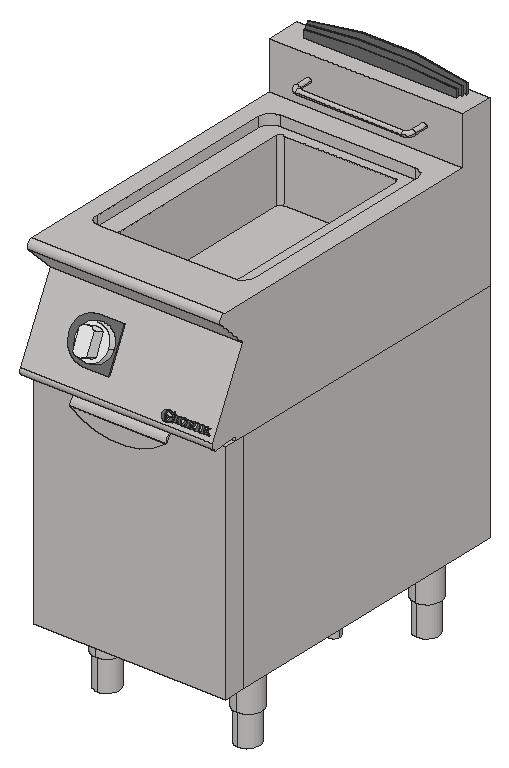
Revit family "QF_GIORIK_FE7117", category Specialty Equipment, Revit 2014
Parameters (values of type "FE7117")
  Weight in Pounds = 154.3234
  Watts = 16500 W
  Volts = 400 V
  URL Cutsheet = "www.giorik.com"
  URL = "www.giorik.com"
  Status [instance] = ""
  Specification by User [instance] = ""
  Specification by Manufacturer = ""
  Show Logo [instance] = yes
  Show Clearance [instance] = yes
  Serial Number = ""
  Seismic Rating = ""
  SMACNA No = ""
  Revision Code [instance] = ""
  Phase = 3
  Number of Poles [instance] = 3
  NAFEM Spec ID Number = ""
  Model = "FE7117"
  Min Ckt Ampacity = 0 A
  Max Overcurrent Protection = 0 A
  Masterspec = ""
  Manufacturer = "GIORIK"
  Item Number [instance] = ""
  Installed By [instance] = ""
  Identify Quantity as Lot [instance] = no
  HP = "22.126830000000"
  Furnished By [instance] = ""
  Foodservice Equipment Identifier [instance] = yes
  FL Amps = 0 A
  Electrical Remarks [instance] = ""
  Electric Connection Type [instance] = ""
  Elec Conn RI Height [instance] = 0 mm
  Elec Conn Connection Height [instance] = 150 mm
  Description = "17 LITRE ELECTRIC FRYER."
  Cycle = 50 Hz
  Conn Plug = ""
  CSI MasterFormat = ""
  Assembly Code = "E1090320"
  Apparent Power = 16500 VA
Reference planes
  plane 1 "Back": y = 0
  plane 2: z = 0
  plane 3 "Left": x = 0
  plane 4 "Right": x = 400
  plane 5 "Front": y = -720
  plane 6 "Top": z = 900
Forms (mm)
  Extrusion 1, solid, visible <- "Show Logo"
    sketch origin (196.604, -736.761, 609.486) x (-1, 0, 0) y (0, 0.452718, 0.891654)
      loop
        line (-118.824, 58.358) -> (-127.804, 58.358) -> (-125.523, 56.445) -> (-125.523, 48.027) -> (-127.804, 46.113) -> (-118.824, 46.113) -> (-121.105, 48.027) -> (-121.105, 56.445) -> (-118.824, 58.358)
      loop
        line (-163.721, 58.358) -> (-172.7, 58.358) -> (-170.42, 56.445) -> (-170.42, 48.027) -> (-172.7, 46.113) -> (-163.721, 46.113) -> (-166.001, 48.027) -> (-166.001, 56.445) -> (-163.721, 58.358)
      loop
        line (-174.332, 58.358) -> (-183.312, 58.358) -> (-181.031, 56.445) -> (-181.031, 52.435) -> (-186.419, 56.955) -> (-184.416, 58.358) -> (-191.268, 58.358) -> (-188.01, 56.839) -> (-185.455, 54.283) -> (-190.846, 47.858) -> (-193.396, 46.93) -> (-193.396, 46.113) -> (-184.416, 46.113) -> (-185.437, 47.571) -> (-182.443, 51.552) -> (-181.031, 50.894) -> (-181.031, 48.027) -> (-183.312, 46.113) -> (-174.332, 46.113) -> (-176.613, 48.027) -> (-176.613, 56.445) -> (-174.332, 58.358)
      loop
        line (-115.429, 62.063) -> (-115.429, 54.198)
        arc (-115.429, 54.198) -> (-111.618, 57.803) -> (-106.847, 59.986) r 16.039
        arc (-106.847, 59.986) -> (-103.314, 59.837) -> (-100.512, 57.68) r 5.851
        arc (-100.512, 57.68) -> (-98.815, 52.267) -> (-100.512, 46.853) r 9.479
        arc (-100.512, 46.853) -> (-102.406, 44.986) -> (-104.846, 43.93) r 7.236
        arc (-104.846, 43.93) -> (-107.728, 44.111) -> (-110.052, 45.825) r 5.11
        line (-110.052, 45.825) -> (-110.052, 52.001) -> (-116.141, 52.001) -> (-116.141, 45.503) -> (-117.893, 43.751) -> (-114.094, 44.769)
        arc (-114.094, 44.769) -> (-112.56, 44.947) -> (-111.129, 44.366) r 3.115
        arc (-111.129, 44.366) -> (-104.216, 42.091) -> (-97.303, 44.366) r 11.641
        arc (-97.303, 44.366) -> (-93.396, 52.107) -> (-97.303, 59.849) r 9.622
        arc (-97.303, 59.849) -> (-104.369, 62.174) -> (-111.435, 59.849) r 11.898
        line (-111.435, 59.849) -> (-115.429, 62.063)
      loop
        arc (-129.234, 56.068) -> (-135.893, 58.628) -> (-142.552, 56.068) r 9.941
        arc (-142.552, 56.068) -> (-144.234, 52.286) -> (-142.552, 48.505) r 5.093
        arc (-142.552, 48.505) -> (-135.893, 45.945) -> (-129.234, 48.505) r 9.941
        arc (-129.234, 48.505) -> (-127.552, 52.286) -> (-129.234, 56.068) r 5.093
      loop
        arc (-132.628, 54.403) -> (-135.893, 57.668) -> (-139.158, 54.403) r 3.265
        line (-139.158, 54.403) -> (-139.158, 50.169)
        arc (-139.158, 50.169) -> (-135.893, 46.904) -> (-132.628, 50.169) r 3.265
        line (-132.628, 50.169) -> (-132.628, 54.403)
      loop
        arc (-156.363, 58.365) -> (-159.647, 55.081) -> (-156.363, 51.796) r 3.285
        line (-156.363, 51.796) -> (-159.529, 47.306) -> (-162.087, 46.113) -> (-155.847, 46.113) -> (-153.529, 51.083) -> (-150.637, 51.083) -> (-150.637, 47.784) -> (-153.022, 46.113) -> (-144.011, 46.113) -> (-146.094, 47.68) -> (-146.094, 56.493) -> (-144.229, 58.365) -> (-156.363, 58.365)
      loop
        line (-150.637, 57.512) -> (-153.637, 57.512)
        arc (-153.637, 57.512) -> (-156.237, 54.912) -> (-153.637, 52.312) r 2.6
        line (-153.637, 52.312) -> (-150.637, 52.312) -> (-150.637, 57.512)
      loop
        line (-108.924, 52.001) -> (-104.936, 49.005) -> (-100.948, 52.001) -> (-108.924, 52.001)
    from 1.5 to -0.5
  Extrusion 2, solid
    sketch origin (-16, 1025.81, 0) x (1, 0, 0) y (0, 1, 0)
      loop
        line (25, -1086.81) -> (25, -1156.81) -> (115, -1156.81) -> (115, -1086.81) -> (25, -1086.81)
    from 148 to 150
  Extrusion 3, solid
    sketch origin (0, 1000, -20) x (0, 1, 0) y (0, 0, 1)
      loop
        line (-1000, 989.988) -> (-1070, 989.988) -> (-1070, 889.988) -> (-1688.806, 889.988)
        arc (-1688.806, 889.988) -> (-1699.151, 883.075) -> (-1696.724, 870.873) r 11.197
        line (-1696.724, 870.873) -> (-1640.876, 815.025) -> (-1718.948, 661.258)
        arc (-1718.948, 661.258) -> (-1718.233, 650.105) -> (-1708.118, 645.354) r 10.981
        line (-1708.118, 645.354) -> (-1660, 649.925) -> (-1660, 640) -> (-1000, 640) -> (-1000, 989.988)
    from 0 to 400
  Extrusion 4, solid
    sketch origin (0, 0, 599.536) x (1, 0, 0) y (0, 1, 0)
      loop
        line (0, -640) -> (40, -640) -> (40, -40) -> (360, -40) -> (360, -640) -> (400, -640) -> (400, 0) -> (0, 0) -> (0, -640)
    from -449.536 to 20.464
  Extrusion 5, solid
    sketch origin (0, 0, 0) x (1, 0, 0) y (0, 1, 0)
      loop
        line (40, -40) -> (40, -640) -> (360, -640) -> (360, -40) -> (40, -40)
    from 150 to 190
  Extrusion 6, solid
    sketch origin (-16, 560.81, 0) x (1, 0, 0) y (0, 1, 0)
      loop
        line (25, -1086.81) -> (25, -1156.81) -> (115, -1156.81) -> (115, -1086.81) -> (25, -1086.81)
    from 148 to 150
  Revolve 7, solid
    sketch origin (54, 560.81, 0) x (0, 1, 0) y (0, 0, 1)
      loop
        line (-1092.56, 66) -> (-1092.56, 148) -> (-1121.81, 148) -> (-1121.81, 0) -> (-1096.81, 0) -> (-1096.81, 66) -> (-1092.56, 66)
      axis (-1121.81, 0) -> (-1121.81, 148)
    angle from 0 to 360
  Revolve 8, solid
    sketch origin (54, 1025.81, 0) x (0, 1, 0) y (0, 0, 1)
      loop
        line (-1092.56, 66) -> (-1092.56, 148) -> (-1121.81, 148) -> (-1121.81, 0) -> (-1096.81, 0) -> (-1096.81, 66) -> (-1092.56, 66)
      axis (-1121.81, 0) -> (-1121.81, 148)
    angle from 0 to 360
  Extrusion 9, solid
    sketch origin (416, 560.81, 0) x (-1, 0, 0) y (0, -1, 0)
      loop
        line (25, 1086.81) -> (115, 1086.81) -> (115, 1156.81) -> (25, 1156.81) -> (25, 1086.81)
    from 148 to 150
  Revolve 10, solid
    sketch origin (346, 560.81, 0) x (0, 1, 0) y (0, 0, -1)
      loop
        line (-1092.56, -66) -> (-1096.81, -66) -> (-1096.81, 0) -> (-1121.81, 0) -> (-1121.81, -148) -> (-1092.56, -148) -> (-1092.56, -66)
      axis (-1121.81, 0) -> (-1121.81, -148)
    angle from 0 to 360
  Extrusion 11, solid
    sketch origin (416, -1217.81, 0) x (-1, 0, 0) y (0, -1, 0)
      loop
        line (25, -1086.81) -> (25, -1156.81) -> (115, -1156.81) -> (115, -1086.81) -> (25, -1086.81)
    from 148 to 150
  Revolve 12, solid
    sketch origin (346, -1217.81, 0) x (0, -1, 0) y (0, 0, 1)
      loop
        line (-1092.56, 66) -> (-1092.56, 148) -> (-1121.81, 148) -> (-1121.81, 0) -> (-1096.81, 0) -> (-1096.81, 66) -> (-1092.56, 66)
      axis (-1121.81, 0) -> (-1121.81, 148)
    angle from 0 to 360
  Extrusion 13, solid
    sketch origin (-293.221, -963.345, 52.363) x (1, 0, 0) y (0, 0.452718, 0.891654)
      loop
        line (463.221, 676.25) -> (463.221, 766.25) -> (409.698, 766.25)
        arc (409.698, 766.25) -> (364.698, 721.25) -> (409.698, 676.25) r 45
        line (409.698, 676.25) -> (463.221, 676.25)
    from 48 to 50
  Extrusion 14, solid
    sketch origin (481.331, -1008.697, 74.959) x (-1, 0, 0) y (0, -0.45351, -0.891251)
      loop
        circle (351.331, -721.346) r 35
    from 0 to 15
  Extrusion 15, solid
    sketch origin (481.331, -1008.697, 74.959) x (-1, 0, 0) y (0, -0.45351, -0.891251)
      loop
        arc (336.331, -743.846) -> (351.331, -748.846) -> (366.331, -743.846) r 25
        line (366.331, -743.846) -> (366.331, -698.846)
        arc (366.331, -698.846) -> (351.331, -693.846) -> (336.331, -698.846) r 25
        line (336.331, -698.846) -> (336.331, -743.846)
    from 15 to 40
  Extrusion 16, solid
    sketch origin (-94, 0, 59.999) x (1, 0, 0) y (0, 0, 1)
      loop
        line (135, 909.989) -> (453, 909.989) -> (453, 925.527) -> (347.056, 931.749) -> (240.944, 931.749) -> (135, 925.527) -> (135, 909.989)
    from 32 to 35
  Extrusion 17, solid
    sketch origin (-92, 10, 59.999) x (1, 0, 0) y (0, 0, 1)
      loop
        line (454, 909.989) -> (454, 928.527) -> (346.162, 939.193) -> (237.838, 939.193) -> (130, 928.527) -> (130, 909.989) -> (454, 909.989)
    from 32 to 35
  Extrusion 18, solid
    sketch origin (-90, 20, 59.999) x (1, 0, 0) y (0, 0, 1)
      loop
        line (455, 909.989) -> (455, 930.527) -> (345.396, 947.413) -> (234.604, 947.413) -> (125, 930.527) -> (125, 909.989) -> (455, 909.989)
    from 32 to 35
  Extrusion 19, void
    sketch origin (0, 0, 819.988) x (0, 1, 0) y (-1, 0, 0)
      loop
        arc (-120, -60) -> (-127.322, -42.322) -> (-145, -35) r 25
        line (-145, -35) -> (-565.002, -35)
        arc (-565.002, -35) -> (-582.68, -42.322) -> (-590.002, -60) r 25
        line (-590.002, -60) -> (-590.002, -340)
        arc (-590.002, -340) -> (-582.68, -357.678) -> (-565.002, -365) r 25
        line (-565.002, -365) -> (-145, -365)
        arc (-145, -365) -> (-127.322, -357.678) -> (-120, -340) r 25
        line (-120, -340) -> (-120, -60)
    from -100 to 50
  Extrusion 20, solid
    sketch origin (0, 0, 900) x (0, 1, 0) y (-1, 0, 0)
      loop
        arc (-120, -60) -> (-127.322, -42.322) -> (-145, -35) r 25
        line (-145, -35) -> (-565.002, -35)
        arc (-565.002, -35) -> (-582.68, -42.322) -> (-590.002, -60) r 25
        line (-590.002, -60) -> (-590.002, -340)
        arc (-590.002, -340) -> (-582.68, -357.678) -> (-565.002, -365) r 25
        line (-565.002, -365) -> (-145, -365)
        arc (-145, -365) -> (-127.322, -357.678) -> (-120, -340) r 25
        line (-120, -340) -> (-120, -60)
      loop
        arc (-140, -85.011) -> (-142.929, -77.94) -> (-150, -75.011) r 10
        line (-150, -75.011) -> (-555.002, -75.011)
        arc (-555.002, -75.011) -> (-562.073, -77.94) -> (-565.002, -85.011) r 10
        line (-565.002, -85.011) -> (-565.002, -315)
        arc (-565.002, -315) -> (-562.073, -322.071) -> (-555.002, -325) r 10
        line (-555.002, -325) -> (-150, -325)
        arc (-150, -325) -> (-142.929, -322.071) -> (-140, -315) r 10
        line (-140, -315) -> (-140, -85.011)
    from -180.012 to -50
  Extrusion 21, solid
    sketch origin (0, -725, 0) x (1, 0, 0) y (0, 0, 1)
      loop
        line (0, 620) -> (0, 150) -> (400, 150) -> (400, 620) -> (0, 620)
    from -85 to -40
  Extrusion 22, solid
    sketch origin (2.5, -725, -20.1) x (0, 1, 0) y (0, 0, 1)
      loop
        arc (25, 640.1) -> (14.393, 635.707) -> (10, 625.1) r 15
        line (10, 625.1) -> (12, 625.1)
        arc (12, 625.1) -> (15.808, 634.292) -> (25, 638.1) r 13
        line (25, 638.1) -> (40, 638.1) -> (40, 640.1) -> (25, 640.1)
    from 97.5 to 297.5
  Extrusion 23, solid
    sketch origin (2.5, -724.905, -20.1) x (1, 0, 0) y (0, 0, 1)
      loop
        arc (97.5, 625.1) -> (197.5, 590.089) -> (297.5, 625.1) r 160.316
        line (297.5, 625.1) -> (97.5, 625.1)
    from -11.905 to -9.905
  Extrusion 24, solid, visible <- "Show Clearance", detail levels coarse
    sketch origin (395, -725, 0) x (-1, 0, 0) y (0, -1, 0)
      loop
        line (-5, -40) -> (395, -40)
        arc (395, -40) -> (277.534, 241.069) -> (-5, 354.968) r 395
        line (-5, 354.968) -> (-5, -40)
    from 150 to 620
  Extrusion 25, solid
    sketch origin (0, 0, 100) x (0, 1, 0) y (-1, 0, 0)
      loop
        circle (-380, -380) r 12.5
    from 30 to 50
  Sweep 26, solid
    path origin (0, 0, 919.988) x (0, 1, 0) y (-1, 0, 0)
      loop
        line (-70, -80) -> (-100, -80)
        arc (-100, -80) -> (-107.071, -82.929) -> (-110, -90) r 10
        line (-110, -90) -> (-110, -310)
        arc (-110, -310) -> (-107.071, -317.071) -> (-100, -320) r 10
        line (-100, -320) -> (-70, -320)
    profile origin (80, -85, 919.988) x (1, 0, 0) y (0, 0, 1)
      loop
        circle (0, 0) r 5
Cuts and joins
  Extrusion 19 cuts Extrusion 3
Lines and regions (mm)
  symbolic lines, style "200-EquipBorder-2D"
    curve 1: line (0, -720, 0) -> (400, -720, 0)
    curve 2: line (400, -720, 0) -> (400, 0, 0)
    curve 3: line (400, 0, 0) -> (0, 0, 0)
    curve 4: line (0, 0, 0) -> (0, -720, 0)
  symbolic lines, style "200-EquipInternal-2D"
    curve 5: line (35, -12, 900) -> (365, -12, 900)
    curve 6: line (365, -12, 900) -> (365, -15, 900)
    curve 7: line (365, -15, 900) -> (35, -15, 900)
    curve 8: line (35, -15, 900) -> (35, -12, 900)
    curve 9: line (38, -22, 900) -> (362, -22, 900)
    curve 10: line (362, -22, 900) -> (362, -25, 900)
    curve 11: line (362, -25, 900) -> (38, -25, 900)
    curve 12: line (38, -25, 900) -> (38, -22, 900)
    curve 13: line (41, -32, 900) -> (359, -32, 900)
    curve 14: line (359, -32, 900) -> (359, -35, 900)
    curve 15: line (359, -35, 900) -> (41, -35, 900)
    curve 16: line (41, -35, 900) -> (41, -32, 900)
    curve 17: line (340, -120, 900) -> (60, -120, 900)
    curve 18: arc (60, -120, 900) -> (42.322, -127.322, 900) -> (35, -145, 900) r 25
    curve 19: line (35, -145, 900) -> (35, -565, 900)
    curve 20: arc (365, -145, 900) -> (357.678, -127.322, 900) -> (340, -120, 900) r 25
    curve 21: arc (340, -590, 900) -> (357.633, -582.723, 900) -> (365, -565.128, 900) r 25
    curve 22: line (60, -590, 900) -> (340, -590, 900)
    curve 23: arc (35, -565, 900) -> (42.322, -582.678, 900) -> (60, -590, 900) r 25
    curve 24: line (365, -565.128, 900) -> (365, -145, 900)
    curve 27: line (85, -140, 900) -> (315, -140, 900)
    curve 28: line (325, -150, 900) -> (325, -555.002, 900)
    curve 29: line (75, -555.002, 900) -> (75, -150, 900)
    curve 30: line (315, -565.002, 900) -> (85, -565.002, 900)
    curve 31: arc (85, -140, 900) -> (77.929, -142.929, 900) -> (75, -150, 900) r 10
    curve 32: arc (315, -140, 900) -> (322.071, -142.929, 900) -> (325, -150, 900) r 10
    curve 33: arc (75, -555.002, 900) -> (77.929, -562.073, 900) -> (85, -565.002, 900) r 10
    curve 34: arc (315, -565.002, 900) -> (322.071, -562.073, 900) -> (325, -555.002, 900) r 10
    curve 35: line (75, -70, 900) -> (75, -99.667, 900)
    curve 36: line (85, -100, 900) -> (85, -70, 900)
    curve 37: line (89.989, -104.989, 900) -> (310.27, -104.989, 900)
    curve 38: line (315.032, -100.227, 900) -> (315.032, -70, 900)
    curve 39: line (325.032, -70, 900) -> (325.032, -100.301, 900)
    curve 40: line (310.333, -115, 900) -> (90.333, -115, 900)
    curve 41: arc (90.333, -115, 900) -> (79.491, -110.509, 900) -> (75, -99.667, 900) r 15.333
    curve 42: arc (85, -100, 900) -> (86.461, -103.528, 900) -> (89.989, -104.989, 900) r 4.989
    curve 43: arc (310.333, -115, 900) -> (320.727, -110.695, 900) -> (325.032, -100.301, 900) r 14.699
    curve 44: arc (315.032, -100.227, 900) -> (313.637, -103.594, 900) -> (310.27, -104.989, 900) r 4.762
    curve 45: line (0, -70, 900) -> (400, -70, 900)
  symbolic lines, style "QF_Door-Drawer Clearances", visible <- "Show Clearance", detail levels coarse
    curve 25: arc (400, -1079.968, 0) -> (130.204, -978.101, 0) -> (1.554, -720, 0) r 395
    curve 26: line (400, -720, 0) -> (400, -1079.968, 0)
Dimensions and locks
  plane 3 "Left" to plane 4 "Right" = 400 mm
  plane 5 "Front" to plane 1 "Back" = 720 mm
  plane 4 "Right" to plane 3 "Left" = 400 mm
  plane 1 "Back" to plane 5 "Front" = 720 mm
  plane 6 "Top" to level = 900 mm  (x2)
  aligned and locked: level to plane 2
Connectors
  electrical at (380, -380, 130), driven by "Apparent Power", driven by "Volts", driven by "Number of Poles"
    settings: on Extrusion 25, index 1, voltage 400 V, apparent load 0 VA, apparent load phase1 16500 VA, apparent load phase2 0 VA, apparent load phase3 0 VA, power factor 1, load classification "Other", number of poles 3, system type 31, power factor state 1, is connector primary yes, connector utility no, sub classification motor no, connector description "Electrical connection"
